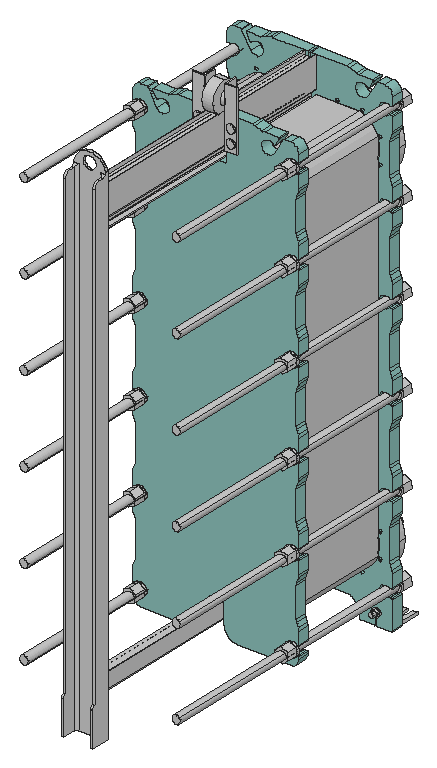
Revit family "MIT 562 - Heat Exchanger", category Specialty Equipment, Revit 2022 (continued)
Forms (mm)
  Extrusion 15, solid, material "Galvanized Steel- S235JR", detail levels fine
    sketch origin (4.063, -470, 0) x (1, 0, 0) y (0, 0, 1)
      loop
        line (-304.329, 141.422) -> (-307.052, 115.294) -> (-285.785, 99.872) -> (-261.797, 110.578) -> (-259.074, 136.706) -> (-280.341, 152.128) -> (-304.329, 141.422)
    from 8 to 48.1
  Extrusion 16, solid, material "Galvanized Steel- S235JR", detail levels fine
    sketch origin (4.063, -470, 0) x (1, 0, 0) y (0, 0, 1)
      loop
        circle (274.937, 1711) r 25
      loop
        circle (274.937, 1394) r 25
      loop
        circle (274.937, 1077) r 25
      loop
        circle (274.937, 760) r 25
      loop
        circle (274.937, 443) r 25
      loop
        circle (274.937, 126) r 25
      loop
        circle (-283.063, 1711) r 25
      loop
        circle (-283.063, 1394) r 25
      loop
        circle (-283.063, 1077) r 25
      loop
        circle (-283.063, 760) r 25
      loop
        circle (-283.063, 443) r 25
      loop
        circle (-283.063, 126) r 25
    from 8 to 0
  Extrusion 17, solid, material "Galvanized Steel- S235JR", detail levels medium+fine
    sketch origin (0, 0, 0) x (1, 0, 0) y (0, 0, 1)
      loop
        line (300.266, 1726.422) -> (276.278, 1737.128) -> (255.011, 1721.706) -> (257.734, 1695.578) -> (281.722, 1684.872) -> (302.989, 1700.294) -> (300.266, 1726.422)
      loop
        line (300.266, 1409.422) -> (276.278, 1420.128) -> (255.011, 1404.706) -> (257.734, 1378.578) -> (281.722, 1367.872) -> (302.989, 1383.294) -> (300.266, 1409.422)
      loop
        line (300.266, 1092.422) -> (276.278, 1103.128) -> (255.011, 1087.706) -> (257.734, 1061.578) -> (281.722, 1050.872) -> (302.989, 1066.294) -> (300.266, 1092.422)
      loop
        line (300.266, 775.422) -> (276.278, 786.128) -> (255.011, 770.706) -> (257.734, 744.578) -> (281.722, 733.872) -> (302.989, 749.294) -> (300.266, 775.422)
      loop
        line (300.266, 458.422) -> (276.278, 469.128) -> (255.011, 453.706) -> (257.734, 427.578) -> (281.722, 416.872) -> (302.989, 432.294) -> (300.266, 458.422)
      loop
        line (300.266, 141.422) -> (276.278, 152.128) -> (255.011, 136.706) -> (257.734, 110.578) -> (281.722, 99.872) -> (302.989, 115.294) -> (300.266, 141.422)
      loop
        line (-300.266, 1726.422) -> (-302.989, 1700.294) -> (-281.722, 1684.872) -> (-257.734, 1695.578) -> (-255.011, 1721.706) -> (-276.278, 1737.128) -> (-300.266, 1726.422)
      loop
        line (-300.266, 1409.422) -> (-302.989, 1383.294) -> (-281.722, 1367.872) -> (-257.734, 1378.578) -> (-255.011, 1404.706) -> (-276.278, 1420.128) -> (-300.266, 1409.422)
      loop
        line (-300.266, 1092.422) -> (-302.989, 1066.294) -> (-281.722, 1050.872) -> (-257.734, 1061.578) -> (-255.011, 1087.706) -> (-276.278, 1103.128) -> (-300.266, 1092.422)
      loop
        line (-300.266, 775.422) -> (-302.989, 749.294) -> (-281.722, 733.872) -> (-257.734, 744.578) -> (-255.011, 770.706) -> (-276.278, 786.128) -> (-300.266, 775.422)
      loop
        line (-300.266, 458.422) -> (-302.989, 432.294) -> (-281.722, 416.872) -> (-257.734, 427.578) -> (-255.011, 453.706) -> (-276.278, 469.128) -> (-300.266, 458.422)
      loop
        line (-300.266, 141.422) -> (-302.989, 115.294) -> (-281.722, 99.872) -> (-257.734, 110.578) -> (-255.011, 136.706) -> (-276.278, 152.128) -> (-300.266, 141.422)
    from -8 to -48
  Extrusion 18, solid, material "AISI 316L/Titanium/Hastelloy", detail levels coarse
    sketch origin (0, 0, 1916) x (1, 0, 0) y (0, 1, 0)
      loop
        line (-57.5, -1040) -> (-57.5, -1105) -> (57.499, -1105) -> (57.499, -1040) -> (-57.5, -1040)
    from 0 to -1916
  Extrusion 19, solid, material "Galvanized Steel- S235JR", detail levels fine
    sketch origin (0, 0, 0) x (1, 0, 0) y (0, 0, 1)
      loop
        circle (149, 1566) r 142.5
      loop
        circle (149, 1566) r 85.25
      loop
        circle (259.866, 1611.922) r 7
      loop
        circle (259.866, 1520.078) r 7
      loop
        circle (194.922, 1455.134) r 7
      loop
        circle (194.922, 1676.866) r 7
      loop
        circle (38.134, 1611.922) r 7
      loop
        circle (38.134, 1520.078) r 7
      loop
        circle (103.078, 1455.134) r 7
      loop
        circle (103.078, 1676.866) r 7
      loop
        circle (149, 271) r 142.5
      loop
        circle (149, 271) r 85.25
      loop
        circle (259.866, 316.922) r 7
      loop
        circle (259.866, 225.078) r 7
      loop
        circle (194.922, 160.134) r 7
      loop
        circle (194.922, 381.866) r 7
      loop
        circle (38.134, 316.922) r 7
      loop
        circle (38.134, 225.078) r 7
      loop
        circle (103.078, 160.134) r 7
      loop
        circle (103.078, 381.866) r 7
      loop
        circle (-149, 1566) r 142.5
      loop
        circle (-149, 1566) r 85.25
      loop
        circle (-259.866, 1611.922) r 7
      loop
        circle (-259.866, 1520.078) r 7
      loop
        circle (-194.922, 1455.134) r 7
      loop
        circle (-194.922, 1676.866) r 7
      loop
        circle (-38.134, 1611.922) r 7
      loop
        circle (-38.134, 1520.078) r 7
      loop
        circle (-103.078, 1455.134) r 7
      loop
        circle (-103.078, 1676.866) r 7
      loop
        circle (-149, 271) r 142.5
      loop
        circle (-149, 271) r 85.25
      loop
        circle (-259.866, 316.922) r 7
      loop
        circle (-259.866, 225.078) r 7
      loop
        circle (-194.922, 160.134) r 7
      loop
        circle (-194.922, 381.866) r 7
      loop
        circle (-38.134, 316.922) r 7
      loop
        circle (-38.134, 225.078) r 7
      loop
        circle (-103.078, 160.134) r 7
      loop
        circle (-103.078, 381.866) r 7
    from -29 to 0
  Extrusion 20, void
    sketch origin (202.5, -37.5, 7.5) x (0, 1, 0) y (-1, 0, 0)
      loop
        line (122.5, 8) -> (122.5, 397) -> (37.5, 397) -> (37.5, 8) -> (122.5, 8)
      loop
        line (88.664, -25) -> (122.5, -25) -> (122.5, -8) -> (88.664, -8)
        arc (88.664, -8) -> (72, -16.5) -> (88.664, -25) r 10.5
      loop
        line (88.664, -75) -> (122.5, -75) -> (122.5, -58) -> (88.664, -58)
        arc (88.664, -58) -> (72, -66.5) -> (88.664, -75) r 10.5
      loop
        line (88.664, 413) -> (122.5, 413) -> (122.5, 430) -> (88.664, 430)
        arc (88.664, 430) -> (72, 421.5) -> (88.664, 413) r 10.5
      loop
        line (88.664, 463) -> (122.5, 463) -> (122.5, 480) -> (88.664, 480)
        arc (88.664, 480) -> (72, 471.5) -> (88.664, 463) r 10.5
    from -7.5 to 77.5
  Extrusion 21, solid, material "Galvanized Steel- S235JR"
    sketch origin (0, 0, 0) x (0, 1, 0) y (0, 0, 1)
      loop
        line (8, 11) -> (8, 85) -> (0, 85) -> (0, 3)
        arc (0, 3) -> (0.879, 0.879) -> (3, 0) r 3
        line (3, 0) -> (85, 0) -> (85, 8) -> (11, 8)
        arc (11, 8) -> (8.879, 8.879) -> (8, 11) r 3
    from -294 to 294.5
  Extrusion 22, solid, material "Galvanized Steel- S235JR", detail levels fine
    sketch origin (0, 0, 0) x (1, 0, 0) y (0, 0, 1)
      loop
        circle (0, 1765.6) r 15
      loop
        circle (0, 1705.6) r 15
      loop
        circle (0, 165.7) r 15
      loop
        circle (0, 105.7) r 15
    from 0 to -3
  Extrusion 23, solid, material "Galvanized Steel- S235JR", detail levels fine
    sketch origin (0, 0, 0) x (1, 0, 0) y (0, 0, 1)
      loop
        circle (149, 1566) r 68.8
      loop
        circle (149, 1566) r 105
      loop
        circle (-149, 1566) r 68.8
      loop
        circle (-149, 1566) r 105
      loop
        circle (149, 271) r 68.8
      loop
        circle (149, 271) r 105
      loop
        circle (-149, 271) r 68.8
      loop
        circle (-149, 271) r 105
    from 0 to 40
  Extrusion 24, solid, material "Galvanized Steel- S235JR"
    sketch origin (4.063, -470, 0) x (1, 0, 0) y (0, 0, 1)
      loop
        line (77.937, 1680.6) -> (77.937, 1900.6) -> (32.937, 1900.6) -> (32.937, 1680.6) -> (77.937, 1680.6)
      loop
        circle (55.937, 1760.6) r 8
      loop
        circle (55.937, 1710.6) r 8
      loop
        line (-86.063, 1680.6) -> (-41.063, 1680.6) -> (-41.063, 1900.6) -> (-86.063, 1900.6) -> (-86.063, 1680.6)
      loop
        circle (-64.063, 1760.6) r 8
      loop
        circle (-64.063, 1710.6) r 8
    from 6 to 2
  Extrusion 25, solid, material "Galvanized Steel- S235JR"
    sketch origin (4.063, -472, 0) x (-1, 0, 0) y (0, 0, 1)
      loop
        line (-32.937, 1680.6) -> (-32.937, 1900.6) -> (-36.937, 1900.6) -> (-36.937, 1680.6) -> (-32.937, 1680.6)
      loop
        line (41.063, 1680.6) -> (45.063, 1680.6) -> (45.063, 1900.6) -> (41.063, 1900.6) -> (41.063, 1680.6)
    from 0 to 42
  Extrusion 26, solid, material "Galvanized Steel- S235JR"
    sketch origin (-37, -472, 1680.6) x (0, 0, 1) y (0, -1, 0)
      loop
        circle (160, -19) r 55
      loop
        circle (160, -19) r 25
    from 17 to 57
  Extrusion 27, solid, material "Galvanized Steel- S235JR"
    sketch origin (-37, -472, 1680.6) x (0, 0, 1) y (0, -1, 0)
      loop
        circle (160, -19) r 24.5
    from 0 to 74
  Extrusion 28, solid, material "Galvanized Steel- S235JR"
    sketch origin (-37, -472, 1680.6) x (0, 0, 1) y (0, -1, 0)
      loop
        circle (160, -19) r 8
    from -24.052 to 98.5
  Extrusion 29, solid, material "Galvanized Steel- S235JR", detail levels fine
    sketch origin (-37, -472, 1680.6) x (0, 0, 1) y (0, -1, 0)
      loop
        line (172.813, -23.837) -> (169.73, -9.822) -> (156.917, -5.985) -> (147.187, -15.163) -> (150.27, -29.178) -> (163.083, -33.015) -> (172.813, -23.837)
    from -15 to 89
  Extrusion 30, solid, material "Galvanized Steel- S235JR", detail levels fine
    sketch origin (-37, -472, 1680.6) x (0, 0, 1) y (0, -1, 0)
      loop
        circle (160, -19) r 15
    from -7 to 81
  Extrusion 31, void
    sketch origin (57.499, -1105, 1916) x (0, 1, 0) y (0, 0, 1)
      loop
        line (30, -66) -> (47, -66)
        arc (47, -66) -> (54.071, -63.071) -> (57, -56) r 10
        line (57, -56) -> (57, 0) -> (0, 0) -> (0, -1790)
        arc (0, -1790) -> (2.636, -1783.636) -> (9, -1781) r 9
        line (9, -1781) -> (10, -1781) -> (10, -86)
        arc (10, -86) -> (15.858, -71.858) -> (30, -66) r 20
    from 0 to -114.999
  Extrusion 32, void
    sketch origin (-39.5, -1048, 0) x (1, 0, 0) y (0, 0, 1)
      loop
        line (96.999, 1865.205) -> (96.999, 1979.732) -> (-18, 1979.732) -> (-18, 1865.199)
        arc (-18, 1865.199) -> (39.497, 1915.599) -> (96.999, 1865.205) r 58
      loop
        circle (39.5, 1877.5) r 24
    from 0 to -8
  Extrusion 33, solid, material "Galvanized Steel- S235JR", detail levels medium+fine
    sketch origin (4.063, -470, 0) x (1, 0, 0) y (0, 0, 1)
      loop
        circle (-64.063, 1760.6) r 15
      loop
        circle (-64.063, 1710.6) r 15
      loop
        circle (55.937, 1760.6) r 15
      loop
        circle (55.937, 1710.6) r 15
    from 9 to 6
  Extrusion 34, solid, material "Galvanized Steel- S235JR", detail levels coarse+medium
    sketch origin (4.063, -470, 0) x (1, 0, 0) y (0, 0, 1)
      loop
        line (-77.056, 1766.886) -> (-76.004, 1752.491) -> (-63.011, 1746.205) -> (-51.07, 1754.314) -> (-52.123, 1768.709) -> (-65.115, 1774.995) -> (-77.056, 1766.886)
      loop
        line (-65.115, 1724.995) -> (-77.056, 1716.886) -> (-76.004, 1702.491) -> (-63.011, 1696.205) -> (-51.07, 1704.314) -> (-52.123, 1718.709) -> (-65.115, 1724.995)
      loop
        line (68.93, 1766.886) -> (56.989, 1774.995) -> (43.996, 1768.709) -> (42.944, 1754.314) -> (54.885, 1746.205) -> (67.877, 1752.491) -> (68.93, 1766.886)
      loop
        line (56.989, 1724.995) -> (43.996, 1718.709) -> (42.944, 1704.314) -> (54.885, 1696.205) -> (67.877, 1702.491) -> (68.93, 1716.886) -> (56.989, 1724.995)
    from 19 to 9
  Extrusion 35, solid, material "AISI 316L/Titanium/Hastelloy", detail levels fine
    sketch origin (4.063, -430, 0) x (-1, 0, 0) y (0, 0, 1)
      loop
        circle (-55.937, 1760.6) r 15
      loop
        circle (-55.937, 1710.6) r 15
      loop
        circle (64.063, 1760.6) r 15
      loop
        circle (64.063, 1710.6) r 15
    from 0 to 3
  Extrusion 36, solid, material "AISI 316L/Titanium/Hastelloy", detail levels fine
    sketch origin (4.063, -430, 0) x (-1, 0, 0) y (0, 0, 1)
      loop
        line (-43.996, 1768.709) -> (-56.989, 1774.995) -> (-68.93, 1766.886) -> (-67.877, 1752.491) -> (-54.885, 1746.205) -> (-42.944, 1754.314) -> (-43.996, 1768.709)
      loop
        line (-43.996, 1718.709) -> (-56.989, 1724.995) -> (-68.93, 1716.886) -> (-67.877, 1702.491) -> (-54.885, 1696.205) -> (-42.944, 1704.314) -> (-43.996, 1718.709)
      loop
        line (77.056, 1766.886) -> (65.115, 1774.995) -> (52.123, 1768.709) -> (51.07, 1754.314) -> (63.011, 1746.205) -> (76.004, 1752.491) -> (77.056, 1766.886)
      loop
        line (65.115, 1724.995) -> (52.123, 1718.709) -> (51.07, 1704.314) -> (63.011, 1696.205) -> (76.004, 1702.491) -> (77.056, 1716.886) -> (65.115, 1724.995)
    from 3 to 13
  Extrusion 37, solid, material "AISI 316L/Titanium/Hastelloy", detail levels coarse+medium
    sketch origin (4.063, -430, 0) x (-1, 0, 0) y (0, 0, 1)
      loop
        circle (64.063, 1760.6) r 8
      loop
        circle (64.063, 1710.6) r 8
      loop
        circle (-55.937, 1760.6) r 8
      loop
        circle (-55.937, 1710.6) r 8
    from -46 to 24.122
  Extrusion 38, solid, material "Galvanized Steel", detail levels medium
    sketch origin (4.063, 0, 0) x (1, 0, 0) y (0, 0, 1)
      loop
        line (135.937, 1800) -> (-144.063, 1800) -> (-177.033, 1788) -> (-308.063, 1788) -> (-308.063, 0) -> (-188.063, 0) -> (-188.063, 35) -> (-153.063, 70) -> (144.937, 70) -> (179.937, 35) -> (179.937, 0) -> (299.937, 0) -> (299.937, 1788) -> (168.907, 1788) -> (135.937, 1800)
      loop
        circle (144.937, 1566) r 68.8
      loop
        circle (144.937, 272) r 68.8
      loop
        circle (-4.063, 105.7) r 10.5
      loop
        circle (-4.063, 165.7) r 10.5
      loop
        circle (239.937, 45) r 10.5
      loop
        circle (274.937, 1711) r 21
      loop
        circle (274.937, 1394) r 21
      loop
        circle (274.937, 1077) r 21
      loop
        circle (274.937, 760) r 21
      loop
        circle (274.937, 443) r 21
      loop
        circle (274.937, 126) r 21
      loop
        circle (-4.063, 1705.6) r 10.5
      loop
        circle (-4.063, 1765.6) r 10.5
      loop
        circle (-153.063, 1566) r 68.8
      loop
        circle (-153.063, 272) r 68.8
      loop
        circle (-248.063, 45) r 10.5
      loop
        circle (-283.063, 1711) r 21
      loop
        circle (-283.063, 1394) r 21
      loop
        circle (-283.063, 1077) r 21
      loop
        circle (-283.063, 760) r 21
      loop
        circle (-283.063, 443) r 21
      loop
        circle (-283.063, 126) r 21
      loop
        circle (189.937, 1743) r 25
      loop
        circle (-198.063, 1743) r 25
    from 0 to 40
  Extrusion 39, solid, material "Galvanized Steel", detail levels medium
    sketch origin (4.063, -430, 0) x (-1, 0, 0) y (0, 0, 1)
      loop
        line (-135.937, 1800) -> (-168.907, 1788) -> (-299.937, 1788) -> (-299.937, 70) -> (-25.937, 70) -> (-25.937, 173.5)
        arc (-25.937, 173.5) -> (4.063, 203.5) -> (34.063, 173.5) r 30
        line (34.063, 173.5) -> (34.063, 70) -> (308.063, 70) -> (308.063, 1788) -> (177.033, 1788) -> (144.063, 1800) -> (45.063, 1800) -> (45.063, 1638.5) -> (-36.937, 1638.5) -> (-36.937, 1800) -> (-135.937, 1800)
      loop
        circle (-274.937, 126) r 21
      loop
        circle (-274.937, 443) r 21
      loop
        circle (-189.937, 1743) r 25
      loop
        circle (-274.937, 1711) r 21
      loop
        circle (-274.937, 1394) r 21
      loop
        circle (-274.937, 1077) r 21
      loop
        circle (-274.937, 760) r 21
      loop
        circle (-55.937, 1710.6) r 10.5
      loop
        circle (-55.937, 1760.6) r 10.5
      loop
        circle (283.063, 126) r 21
      loop
        circle (283.063, 443) r 21
      loop
        circle (198.063, 1743) r 25
      loop
        circle (283.063, 1711) r 21
      loop
        circle (283.063, 1394) r 21
      loop
        circle (283.063, 1077) r 21
      loop
        circle (283.063, 760) r 21
      loop
        circle (64.063, 1710.6) r 10.5
      loop
        circle (64.063, 1760.6) r 10.5
    from 0 to -40 <- "Follower Plate"
  Extrusion 40, solid, material "AISI 316L/Titanium/Hastelloy", detail levels medium
    sketch origin (0, -40, 0) x (-1, 0, 0) y (0, 0, 1)
      loop
        circle (-149, 1566) r 68.8
      loop
        circle (149, 1566) r 68.8
      loop
        line (-250, 1609.07) -> (-250, 228.93) -> (-184.799, 168.2) -> (-25.957, 168.2) -> (-19.25, 174.907) -> (-19.25, 181.407) -> (-33.913, 193.176) -> (-29.752, 199.94) -> (29.752, 199.94) -> (33.913, 193.176) -> (19.25, 181.407) -> (19.25, 174.907) -> (25.957, 168.2) -> (184.799, 168.2) -> (250, 228.93) -> (250, 1609.07) -> (184.799, 1669.8) -> (25.957, 1669.8) -> (19.25, 1663.093) -> (19.25, 1656.593) -> (33.913, 1644.824) -> (29.752, 1638.06) -> (-29.752, 1638.06) -> (-33.913, 1644.824) -> (-19.25, 1656.593) -> (-19.25, 1663.093) -> (-25.957, 1669.8) -> (-184.799, 1669.8) -> (-250, 1609.07)
      loop
        circle (-149, 272) r 68.8
      loop
        circle (149, 272) r 68.8
    from 0 to -390
  Extrusion 41, solid, material "Galvanized Steel- S235JR", detail levels medium
    sketch origin (0, 0, 0) x (1, 0, 0) y (0, 0, 1)
      loop
        circle (149, 1566) r 142.5
      loop
        circle (149, 1566) r 68.8
      loop
        circle (149, 271) r 142.5
      loop
        circle (149, 272) r 68.8
      loop
        circle (-149, 1566) r 142.5
      loop
        circle (-149, 1566) r 68.8
      loop
        circle (-149, 271) r 142.5
      loop
        circle (-149, 272) r 68.8
    from -29 to 0
  Extrusion 42, solid, material "Galvanized Steel", detail levels coarse
    sketch origin (4.063, 0, 0) x (1, 0, 0) y (0, 0, 1)
      loop
        line (299.937, 1800) -> (-308.063, 1800) -> (-308.063, 0) -> (299.937, 0) -> (299.937, 1800)
      loop
        circle (-4.063, 105.7) r 10.5
      loop
        circle (-4.063, 165.7) r 10.5
      loop
        circle (239.937, 45) r 10.5
      loop
        circle (274.937, 1711) r 21
      loop
        circle (274.937, 1394) r 21
      loop
        circle (274.937, 1077) r 21
      loop
        circle (274.937, 760) r 21
      loop
        circle (274.937, 443) r 21
      loop
        circle (274.937, 126) r 21
      loop
        circle (-4.063, 1705.6) r 10.5
      loop
        circle (-4.063, 1765.6) r 10.5
      loop
        circle (-248.063, 45) r 10.5
      loop
        circle (-283.063, 1711) r 21
      loop
        circle (-283.063, 1394) r 21
      loop
        circle (-283.063, 1077) r 21
      loop
        circle (-283.063, 760) r 21
      loop
        circle (-283.063, 443) r 21
      loop
        circle (-283.063, 126) r 21
      loop
        circle (189.937, 1743) r 25
      loop
        circle (-198.063, 1743) r 25
    from 0 to 40
  Extrusion 43, solid, material "Galvanized Steel", detail levels coarse
    sketch origin (4.063, -430, 0) x (-1, 0, 0) y (0, 0, 1)
      loop
        line (-299.937, 1800) -> (-299.937, 70) -> (-25.937, 70) -> (-25.937, 203.5) -> (34.063, 203.5) -> (34.063, 70) -> (308.063, 70) -> (308.063, 1800) -> (45.063, 1800) -> (45.063, 1638.5) -> (-36.937, 1638.5) -> (-36.937, 1800) -> (-299.937, 1800)
      loop
        circle (-274.937, 126) r 21
      loop
        circle (-274.937, 443) r 21
      loop
        circle (-189.937, 1743) r 25
      loop
        circle (-274.937, 1711) r 21
      loop
        circle (-274.937, 1394) r 21
      loop
        circle (-274.937, 1077) r 21
      loop
        circle (-274.937, 760) r 21
      loop
        circle (-55.937, 1710.6) r 10.5
      loop
        circle (-55.937, 1760.6) r 10.5
      loop
        circle (283.063, 126) r 21
      loop
        circle (283.063, 443) r 21
      loop
        circle (198.063, 1743) r 25
      loop
        circle (283.063, 1711) r 21
      loop
        circle (283.063, 1394) r 21
      loop
        circle (283.063, 1077) r 21
      loop
        circle (283.063, 760) r 21
      loop
        circle (64.063, 1710.6) r 10.5
      loop
        circle (64.063, 1760.6) r 10.5
    from 0 to -40 <- "Follower Plate"
  Extrusion 44, solid, material "AISI 316L/Titanium/Hastelloy", detail levels coarse
    sketch origin (0, -40, 0) x (-1, 0, 0) y (0, 0, 1)
      loop
        line (-250, 1609.07) -> (-250, 228.93) -> (-184.799, 168.2) -> (-25.957, 168.2) -> (-19.25, 174.907) -> (-19.25, 181.407) -> (-33.913, 193.176) -> (-29.752, 199.94) -> (29.752, 199.94) -> (33.913, 193.176) -> (19.25, 181.407) -> (19.25, 174.907) -> (25.957, 168.2) -> (184.799, 168.2) -> (250, 228.93) -> (250, 1609.07) -> (184.799, 1669.8) -> (25.957, 1669.8) -> (19.25, 1663.093) -> (19.25, 1656.593) -> (33.913, 1644.824) -> (29.752, 1638.06) -> (-29.752, 1638.06) -> (-33.913, 1644.824) -> (-19.25, 1656.593) -> (-19.25, 1663.093) -> (-25.957, 1669.8) -> (-184.799, 1669.8) -> (-250, 1609.07)
    from 0 to -390
  Extrusion 45, solid, material "Galvanized Steel- S235JR", detail levels coarse
    sketch origin (0, 0, 0) x (1, 0, 0) y (0, 0, 1)
      loop
        circle (149, 1566) r 142.5
      loop
        circle (149, 271) r 142.5
      loop
        circle (-149, 1566) r 142.5
      loop
        circle (-149, 271) r 142.5
    from -29 to 0
  Revolve 46, solid, material "EPDM", detail levels fine
    sketch origin (0, 0, 1566) x (0, 1, 0) y (-1, 0, 0)
      loop
        line (-43, -234.25) -> (-40, -234.25) -> (-40, -217.8) -> (0, -217.8) -> (0, -234.25) -> (3, -234.25) -> (3, -214.8) -> (-43, -214.8) -> (-43, -234.25)
      axis (-43, -149) -> (3, -149)
    angle from 0 to 360
  Revolve 47, solid, material "EPDM", detail levels fine
    sketch origin (0, 0, 1566) x (0, -1, 0) y (1, 0, 0)
      loop
        line (43, -234.25) -> (43, -214.8) -> (-3, -214.8) -> (-3, -234.25) -> (0, -234.25) -> (0, -217.8) -> (40, -217.8) -> (40, -234.25) -> (43, -234.25)
      axis (43, -149) -> (-3, -149)
    angle from 0 to 360
  Revolve 48, solid, material "EPDM", detail levels fine
    sketch origin (0, 0, 271) x (0, 1, 0) y (-1, 0, 0)
      loop
        line (-43, -234.25) -> (-40, -234.25) -> (-40, -217.8) -> (0, -217.8) -> (0, -234.25) -> (3, -234.25) -> (3, -214.8) -> (-43, -214.8) -> (-43, -234.25)
      axis (-43, -149) -> (3, -149)
    angle from 0 to 360
  Revolve 49, solid, material "EPDM", detail levels fine
    sketch origin (0, 0, 271) x (0, -1, 0) y (1, 0, 0)
      loop
        line (43, -234.25) -> (43, -214.8) -> (-3, -214.8) -> (-3, -234.25) -> (0, -234.25) -> (0, -217.8) -> (40, -217.8) -> (40, -234.25) -> (43, -234.25)
      axis (43, -149) -> (-3, -149)
    angle from 0 to 360
Cuts and joins
  Extrusion 20 cuts Extrusion 21
  joined: Extrusion 19, Extrusion 23
  Extrusion 31, Extrusion 32 cuts Extrusion 13
  joined: Extrusion 26, Extrusion 27
Dimensions and locks
  "Lk": plane 7 "1" to plane 6 "2"
  "Head & Follower Plate": plane 1 "Center (Front/Back)" to plane 7 "1"
  "Lc": plane 7 "1" to plane 8 "3"
  "Lc": plane 10 to plane 1 "Center (Front/Back)"
  locked: Extrusion 13 sketch curve to Extrusion 13 sketch curve at 65
  locked: Extrusion 37 to plane 6 "2" at 24.122
  locked: plane 1 "Center (Front/Back)" to Revolve 46 sketch curve at 3
  locked: plane 7 "1" to Revolve 46 sketch curve at 3
  locked: Revolve 46 sketch curve to Revolve 46 sketch curve at 3
  locked: Revolve 47 sketch curve to Revolve 47 sketch curve at 3
  locked: Revolve 48 sketch curve to Revolve 48 sketch curve at 3
  locked: Revolve 49 sketch curve to Revolve 49 sketch curve at 3
  aligned and locked: level to plane 2
  aligned and locked: Extrusion 1 to plane 7 "1"
  aligned and locked: Extrusion 1 to plane 1 "Center (Front/Back)"
  aligned and locked: Extrusion 3 to plane 6 "2"
  aligned and locked: plane 7 "1" to Extrusion 3
  aligned and locked: Extrusion 5 to plane 10
  aligned and locked: Extrusion 5 to plane 1 "Center (Front/Back)"
  aligned and locked: Extrusion 4 to plane 8 "3"
  aligned and locked: Extrusion 4 to Extrusion 1
  aligned and locked: Extrusion 13 sketch curve to Extrusion 13 sketch curve
  aligned and locked: Extrusion 18 sketch curve to Extrusion 13  (x4)
  aligned and locked: Extrusion 37 to Extrusion 33
  aligned and locked: Extrusion 40 to Extrusion 39
  aligned and locked: Extrusion 1 to cut or joined group of Extrusion 19, Extrusion 23
  aligned and locked: Extrusion 44 to Extrusion 43
  aligned and locked: Extrusion 42 to Revolve 46 sketch curve  (x2)
Automatic sketch dimensions
  Extrusion 1 sketch curve to Extrusion 1 sketch curve = 0.00 mm  (x124)
  Extrusion 1 sketch curve to level = 0.00 mm  (x4)
  Extrusion 1 sketch curve to plane 11 "12" = 0.00 mm  (x2)
  Extrusion 1 sketch curve to plane 3 "Center (Left/Right)" = 0.00 mm  (x4)
  Extrusion 1 sketch curve to plane 3 "Center (Left/Right)" = 3.00 mm  (x4)
  Extrusion 1 sketch curve to Extrusion 1 sketch curve = 3.00 mm  (x50)
  Extrusion 1 sketch curve to plane 3 "Center (Left/Right)" = 38.134 mm  (x4)
  Extrusion 1 sketch curve to Extrusion 1 sketch curve = 64.944 mm  (x12)
  Extrusion 1 sketch curve to Extrusion 1 sketch curve = 31.632 mm  (x2)
  Extrusion 1 sketch curve to Extrusion 1 sketch curve = 39.709 mm  (x2)
  Extrusion 1 sketch curve to Extrusion 1 sketch curve = 10.261 mm  (x4)
  Extrusion 1 sketch curve to Extrusion 1 sketch curve = 110.866 mm  (x4)
  level to Extrusion 1 sketch curve = 65.607 mm  (x2)
  Extrusion 1 sketch curve to Extrusion 1 sketch curve = 10.607 mm  (x5)
  Extrusion 1 sketch curve to Extrusion 1 sketch curve = 23.028 mm  (x2)
  Extrusion 1 sketch curve to Extrusion 1 sketch curve = 26.213 mm  (x2)
  level to Extrusion 1 sketch curve = 39.393 mm  (x2)
  level to Extrusion 1 sketch curve = 5.00 mm  (x3)
  Extrusion 1 sketch curve to Extrusion 1 sketch curve = 15.00 mm
  Extrusion 1 sketch curve to Extrusion 1 sketch curve = 15.74 mm  (x2)
  Extrusion 1 sketch curve to Extrusion 1 sketch curve = 0.922 mm  (x2)
  Extrusion 1 sketch curve to Extrusion 1 sketch curve = 91.844 mm  (x9)
  Extrusion 1 sketch curve to Extrusion 1 sketch curve = 21.651 mm  (x2)
  Extrusion 1 sketch curve to Extrusion 1 sketch curve = 21.737 mm  (x2)
  Extrusion 1 sketch curve to Extrusion 1 sketch curve = 2.598 mm  (x6)
  Extrusion 1 sketch curve to Extrusion 1 sketch curve = 14.059 mm  (x2)
  Extrusion 1 sketch curve to Extrusion 1 sketch curve = 49.00 mm  (x3)
  level to Extrusion 1 sketch curve = 3.00 mm  (x2)
  Extrusion 1 sketch curve to Extrusion 1 sketch curve = 6.00 mm  (x2)
  Extrusion 1 sketch curve to Extrusion 1 sketch curve = 15.588 mm  (x2)
  Extrusion 1 sketch curve to plane 11 "12" = 45.922 mm  (x4)
  Extrusion 1 sketch curve to Extrusion 1 sketch curve = 14.134 mm  (x8)
  Extrusion 1 sketch curve to plane 3 "Center (Left/Right)" = 274.00 mm  (x2)
  Extrusion 1 sketch curve to Extrusion 1 sketch curve = 23.42 mm  (x2)
  Extrusion 1 sketch curve to Extrusion 1 sketch curve = 5.00 mm  (x13)
  Extrusion 1 sketch curve to Extrusion 1 sketch curve = 14.333 mm  (x24)
  Extrusion 1 sketch curve to Extrusion 1 sketch curve = 34.134 mm  (x5)
  Extrusion 1 sketch curve to Extrusion 1 sketch curve = 20.00 mm  (x6)
  plane 11 "12" to Extrusion 1 sketch curve = 78.471 mm  (x2)
  Extrusion 1 sketch curve to Extrusion 1 sketch curve = 1.809 mm  (x33)
  Extrusion 1 sketch curve to plane 11 "12" = 51.471 mm  (x2)
  level to Extrusion 1 sketch curve = 219.529 mm  (x2)
  Extrusion 1 sketch curve to Extrusion 1 sketch curve = 7.667 mm  (x23)
  Extrusion 1 sketch curve to Extrusion 1 sketch curve = 6.382 mm  (x20)
  Extrusion 1 sketch curve to plane 11 "12" = 69.004 mm  (x2)
  plane 11 "12" to Extrusion 1 sketch curve = 96.004 mm  (x2)
  Extrusion 1 sketch curve to Extrusion 1 sketch curve = 28.191 mm  (x20)
  plane 3 "Center (Left/Right)" to Extrusion 1 sketch curve = 3.00 mm  (x4)
  plane 3 "Center (Left/Right)" to Extrusion 1 sketch curve = 38.134 mm  (x4)
  level to Extrusion 1 sketch curve = 55.00 mm
  Extrusion 1 sketch curve to Extrusion 1 sketch curve = 4.393 mm
  Extrusion 1 sketch curve to Extrusion 1 sketch curve = 54.00 mm
  plane 3 "Center (Left/Right)" to Extrusion 1 sketch curve = 274.00 mm
  Extrusion 1 sketch curve to Extrusion 1 sketch curve = 79.078 mm
  Extrusion 1 sketch curve to Extrusion 1 sketch curve = 29.907 mm  (x2)
  Extrusion 1 sketch curve to Extrusion 1 sketch curve = 12.093 mm  (x5)
  Extrusion 1 sketch curve to Extrusion 1 sketch curve = 25.638 mm
  Extrusion 1 sketch curve to Extrusion 1 sketch curve = 10.062 mm  (x2)
  Extrusion 1 sketch curve to Extrusion 1 sketch curve = 61.75 mm  (x2)
  Extrusion 1 sketch curve to Extrusion 1 sketch curve = 16.25 mm  (x24)
  Extrusion 1 sketch curve to Extrusion 1 sketch curve = 39.875 mm
  Extrusion 1 sketch curve to Extrusion 1 sketch curve = 90.134 mm
  Extrusion 1 sketch curve to Extrusion 1 sketch curve = 27.794 mm  (x2)
  Extrusion 1 sketch curve to Extrusion 1 sketch curve = 4.712 mm  (x2)
  Extrusion 1 sketch curve to Extrusion 1 sketch curve = 59.378 mm
  Extrusion 1 sketch curve to Extrusion 1 sketch curve = 45.922 mm  (x2)
  Extrusion 1 sketch curve to Extrusion 1 sketch curve = 22.288 mm  (x4)
  Extrusion 1 sketch curve to Extrusion 1 sketch curve = 17.533 mm  (x14)
  Extrusion 1 sketch curve to Extrusion 1 sketch curve = 4.601 mm  (x4)
  Extrusion 1 sketch curve to Extrusion 1 sketch curve = 46.485 mm  (x16)
  Extrusion 1 sketch curve to Extrusion 1 sketch curve = 109.42 mm  (x6)
  plane 11 "12" to Extrusion 1 sketch curve = 110.866 mm  (x2)
  plane 11 "12" to Extrusion 1 sketch curve = 45.922 mm  (x2)
  Extrusion 1 sketch curve to Extrusion 1 sketch curve = 31.601 mm  (x2)
  Extrusion 1 sketch curve to Extrusion 1 sketch curve = 93.678 mm
  Extrusion 1 sketch curve to Extrusion 1 sketch curve = 53.634 mm  (x2)
  Extrusion 1 sketch curve to Extrusion 1 sketch curve = 12.50 mm  (x2)
  Extrusion 1 sketch curve to Extrusion 1 sketch curve = 35.813 mm
  Extrusion 1 sketch curve to Extrusion 1 sketch curve = 27.75 mm  (x2)
  Extrusion 1 sketch curve to Extrusion 1 sketch curve = 28.65 mm  (x2)
  Extrusion 1 sketch curve to Extrusion 1 sketch curve = 1.50 mm  (x4)
  Extrusion 1 sketch curve to Extrusion 1 sketch curve = 27.00 mm  (x2)
  Extrusion 1 sketch curve to Extrusion 1 sketch curve = 4.50 mm  (x2)
  Extrusion 1 sketch curve to Extrusion 1 sketch curve = 19.307 mm
  Extrusion 1 sketch curve to Extrusion 1 sketch curve = 7.00 mm  (x32)
  Extrusion 1 sketch curve to Extrusion 1 sketch curve = 23.046 mm  (x4)
  Extrusion 1 sketch curve to Extrusion 1 sketch curve = 30.046 mm  (x4)
  Extrusion 1 sketch curve to Extrusion 1 sketch curve = 21.109 mm  (x4)
  Extrusion 2 sketch curve to plane 3 "Center (Left/Right)" = 0.00 mm
  plane 3 "Center (Left/Right)" to Extrusion 2 sketch curve = 30.00 mm
  plane 3 "Center (Left/Right)" to Extrusion 2 sketch curve = 36.00 mm
  Extrusion 2 sketch curve to Extrusion 2 sketch curve = 5.00 mm  (x13)
  plane 3 "Center (Left/Right)" to Extrusion 2 sketch curve = 41.00 mm
  Extrusion 2 sketch curve to Extrusion 2 sketch curve = 0.00 mm  (x33)
  Extrusion 2 sketch curve to Extrusion 2 sketch curve = 3.00 mm  (x54)
  Extrusion 2 sketch curve to Extrusion 2 sketch curve = 3.907 mm  (x4)
  Extrusion 2 sketch curve to Extrusion 2 sketch curve = 2.031 mm  (x4)
  Extrusion 2 sketch curve to Extrusion 2 sketch curve = 10.062 mm  (x4)
  Extrusion 2 sketch curve to Extrusion 2 sketch curve = 50.00 mm  (x2)
  Extrusion 2 sketch curve to Extrusion 2 sketch curve = 74.71 mm  (x2)
  Extrusion 2 sketch curve to Extrusion 2 sketch curve = 10.261 mm  (x4)
  Extrusion 2 sketch curve to Extrusion 2 sketch curve = 23.028 mm  (x2)
  Extrusion 2 sketch curve to Extrusion 2 sketch curve = 15.74 mm  (x2)
  Extrusion 2 sketch curve to Extrusion 2 sketch curve = 21.651 mm  (x2)
  Extrusion 2 sketch curve to Extrusion 2 sketch curve = 21.737 mm  (x2)
  Extrusion 2 sketch curve to Extrusion 2 sketch curve = 2.598 mm  (x6)
  Extrusion 2 sketch curve to Extrusion 2 sketch curve = 14.059 mm  (x2)
  Extrusion 2 sketch curve to Extrusion 2 sketch curve = 15.588 mm  (x2)
  plane 3 "Center (Left/Right)" to Extrusion 2 sketch curve = 274.00 mm  (x2)
  level to Extrusion 2 sketch curve = 100.00 mm
  Extrusion 2 sketch curve to Extrusion 2 sketch curve = 194.00 mm  (x2)
  Extrusion 2 sketch curve to Extrusion 2 sketch curve = 58.349 mm  (x2)
  Extrusion 2 sketch curve to Extrusion 2 sketch curve = 23.42 mm  (x2)
  Extrusion 2 sketch curve to Extrusion 2 sketch curve = 14.333 mm  (x22)
  Extrusion 2 sketch curve to Extrusion 2 sketch curve = 19.333 mm  (x2)
  Extrusion 2 sketch curve to Extrusion 2 sketch curve = 20.00 mm  (x10)
  Extrusion 2 sketch curve to Extrusion 2 sketch curve = 1.809 mm  (x29)
  Extrusion 2 sketch curve to plane 11 "12" = 51.471 mm  (x2)
  plane 11 "12" to Extrusion 2 sketch curve = 78.471 mm  (x2)
  level to Extrusion 2 sketch curve = 219.529 mm  (x2)
  Extrusion 2 sketch curve to Extrusion 2 sketch curve = 7.667 mm  (x24)
  Extrusion 2 sketch curve to Extrusion 2 sketch curve = 6.382 mm  (x20)
  plane 11 "12" to Extrusion 2 sketch curve = 96.004 mm  (x2)
  Extrusion 2 sketch curve to plane 11 "12" = 69.004 mm  (x2)
  Extrusion 2 sketch curve to Extrusion 2 sketch curve = 28.191 mm  (x19)
  Extrusion 2 sketch curve to plane 3 "Center (Left/Right)" = 36.00 mm
  Extrusion 2 sketch curve to plane 3 "Center (Left/Right)" = 41.00 mm
  Extrusion 2 sketch curve to plane 3 "Center (Left/Right)" = 274.00 mm
  Extrusion 2 sketch curve to Extrusion 2 sketch curve = 30.00 mm
  level to Extrusion 2 sketch curve = 70.00 mm
  Extrusion 2 sketch curve to Extrusion 2 sketch curve = 6.75 mm  (x2)
  Extrusion 2 sketch curve to Extrusion 2 sketch curve = 16.25 mm  (x24)
  Extrusion 2 sketch curve to Extrusion 2 sketch curve = 53.50 mm
  Extrusion 2 sketch curve to Extrusion 2 sketch curve = 27.794 mm  (x2)
  Extrusion 2 sketch curve to Extrusion 2 sketch curve = 109.42 mm  (x8)
  Extrusion 2 sketch curve to Extrusion 2 sketch curve = 17.533 mm  (x14)
  Extrusion 2 sketch curve to Extrusion 2 sketch curve = 46.485 mm  (x16)
  Extrusion 2 sketch curve to plane 11 "12" = 72.50 mm
  Extrusion 2 sketch curve to Extrusion 2 sketch curve = 64.10 mm  (x2)
  Extrusion 2 sketch curve to Extrusion 2 sketch curve = 6.00 mm  (x4)
  Extrusion 2 sketch curve to Extrusion 2 sketch curve = 19.50 mm  (x2)
  Extrusion 2 sketch curve to Extrusion 2 sketch curve = 12.50 mm  (x2)
  Extrusion 2 sketch curve to Extrusion 2 sketch curve = 41.00 mm  (x2)
  Extrusion 2 sketch curve to Extrusion 2 sketch curve = 27.75 mm  (x2)
  Extrusion 2 sketch curve to Extrusion 2 sketch curve = 28.65 mm  (x2)
  Extrusion 2 sketch curve to Extrusion 2 sketch curve = 1.50 mm  (x4)
  Extrusion 2 sketch curve to Extrusion 2 sketch curve = 27.00 mm  (x2)
  Extrusion 2 sketch curve to Extrusion 2 sketch curve = 4.50 mm  (x2)
  Extrusion 2 sketch curve to Extrusion 2 sketch curve = 30.40 mm  (x2)
  Extrusion 3 sketch curve to Extrusion 3 sketch curve = 0.00 mm  (x25)
  Extrusion 3 sketch curve to plane 11 "12" = 0.00 mm  (x2)
  Extrusion 3 sketch curve to plane 3 "Center (Left/Right)" = 0.00 mm  (x2)
  plane 3 "Center (Left/Right)" to Extrusion 3 sketch curve = 8.398 mm  (x2)
  Extrusion 3 sketch curve to Extrusion 3 sketch curve = 10.852 mm  (x4)
  Extrusion 3 sketch curve to Extrusion 3 sketch curve = 0.879 mm  (x4)
  Extrusion 3 sketch curve to Extrusion 3 sketch curve = 1.122 mm  (x4)
  Extrusion 3 sketch curve to Extrusion 3 sketch curve = 3.00 mm  (x7)
  Extrusion 3 sketch curve to Extrusion 3 sketch curve = 1.878 mm  (x3)
  Extrusion 3 sketch curve to Extrusion 3 sketch curve = 2.121 mm  (x6)
  Extrusion 3 sketch curve to Extrusion 3 sketch curve = 4.95 mm  (x4)
  Extrusion 3 sketch curve to Extrusion 3 sketch curve = 5.765 mm  (x4)
  Extrusion 3 sketch curve to Extrusion 3 sketch curve = 1.863 mm  (x4)
  Extrusion 3 sketch curve to Extrusion 3 sketch curve = 2.817 mm  (x4)
  Extrusion 3 sketch curve to Extrusion 3 sketch curve = 122.863 mm  (x4)
  Extrusion 3 sketch curve to Extrusion 3 sketch curve = 35.799 mm  (x2)
  Extrusion 3 sketch curve to Extrusion 3 sketch curve = 40.14 mm  (x2)
  Extrusion 3 sketch curve to plane 11 "12" = 43.07 mm  (x2)
  Extrusion 3 sketch curve to Extrusion 3 sketch curve = 65.201 mm  (x2)
  Extrusion 3 sketch curve to plane 3 "Center (Left/Right)" = 8.398 mm  (x2)
  level to Extrusion 3 sketch curve = 272.00 mm
  Extrusion 3 sketch curve to Extrusion 3 sketch curve = 43.07 mm  (x2)
  Extrusion 3 sketch curve to Extrusion 3 sketch curve = 40.50 mm  (x2)
  Extrusion 3 sketch curve to Extrusion 3 sketch curve = 10.404 mm  (x4)
  Extrusion 3 sketch curve to Extrusion 3 sketch curve = 4.096 mm  (x4)
  Extrusion 3 sketch curve to Extrusion 3 sketch curve = 8.066 mm  (x2)
  Extrusion 3 sketch curve to Extrusion 3 sketch curve = 8.383 mm  (x4)
  Extrusion 3 sketch curve to Extrusion 3 sketch curve = 3.818 mm  (x4)
  Extrusion 3 sketch curve to Extrusion 3 sketch curve = 68.80 mm  (x4)
  Extrusion 4 sketch curve to plane 3 "Center (Left/Right)" = 0.00 mm  (x2)
  Extrusion 4 sketch curve to Extrusion 4 sketch curve = 3.00 mm  (x8)
  Extrusion 4 sketch curve to Extrusion 4 sketch curve = 0.00 mm  (x4)
  Extrusion 4 sketch curve to plane 3 "Center (Left/Right)" = 13.00 mm  (x3)
  Extrusion 4 sketch curve to Extrusion 4 sketch curve = 7.00 mm  (x4)
  Extrusion 4 sketch curve to Extrusion 4 sketch curve = 2.00 mm  (x8)
  Extrusion 4 sketch curve to Extrusion 4 sketch curve = 5.00 mm  (x5)
  Extrusion 4 sketch curve to Extrusion 4 sketch curve = 6.00 mm  (x2)
  Extrusion 4 sketch curve to Extrusion 4 sketch curve = 20.00 mm  (x2)
  plane 3 "Center (Left/Right)" to Extrusion 4 sketch curve = 3.00 mm  (x2)
  plane 3 "Center (Left/Right)" to Extrusion 4 sketch curve = 13.00 mm  (x3)
  Extrusion 4 sketch curve to Extrusion 4 sketch curve = 8.00 mm
  level to Extrusion 4 sketch curve = 128.20 mm
  Extrusion 4 sketch curve to Extrusion 4 sketch curve = 46.00 mm
  Extrusion 4 sketch curve to plane 11 "12" = 83.60 mm
  Extrusion 4 sketch curve to Extrusion 4 sketch curve = 24.00 mm
  Extrusion 4 sketch curve to Extrusion 4 sketch curve = 86.00 mm
  Extrusion 4 sketch curve to Extrusion 4 sketch curve = 12.00 mm  (x2)
  Extrusion 5 sketch curve to Extrusion 5 sketch curve = 0.00 mm  (x24)
  Extrusion 5 sketch curve to plane 3 "Center (Left/Right)" = 279.00 mm  (x6)
  level to Extrusion 5 sketch curve = 126.00 mm  (x2)
  plane 3 "Center (Left/Right)" to Extrusion 5 sketch curve = 279.00 mm  (x6)
  Extrusion 5 sketch curve to Extrusion 5 sketch curve = 317.00 mm  (x6)
  plane 11 "12" to Extrusion 5 sketch curve = 172.00 mm  (x2)
  Extrusion 5 sketch curve to plane 11 "12" = 145.00 mm  (x2)
  Extrusion 5 sketch curve to Extrusion 5 sketch curve = 12.143 mm  (x24)
  Extrusion 5 sketch curve to Extrusion 5 sketch curve = 8.806 mm  (x12)
  level to Extrusion 6 sketch curve = 37.783 mm  (x3)
  Extrusion 6 sketch curve to plane 3 "Center (Left/Right)" = 256.50 mm
  level to Extrusion 6 sketch curve = 59.434 mm  (x2)
  Extrusion 6 sketch curve to Extrusion 6 sketch curve = 12.50 mm  (x6)
  level to Extrusion 6 sketch curve = 30.566 mm  (x2)
  plane 3 "Center (Left/Right)" to Extrusion 6 sketch curve = 231.50 mm
  Extrusion 6 sketch curve to Extrusion 6 sketch curve = 7.217 mm  (x2)
  Extrusion 6 sketch curve to Extrusion 6 sketch curve = 14.434 mm  (x3)
  Extrusion 8 sketch curve to Extrusion 8 sketch curve = 0.00 mm  (x4)
  level to Extrusion 8 sketch curve = 45.00 mm  (x2)
  Extrusion 8 sketch curve to plane 3 "Center (Left/Right)" = 244.00 mm
  plane 3 "Center (Left/Right)" to Extrusion 8 sketch curve = 244.00 mm
  Extrusion 8 sketch curve to Extrusion 8 sketch curve = 8.00 mm  (x2)
  Extrusion 9 sketch curve to Extrusion 1 = 8.59 mm  (x2)
  Extrusion 1 to Extrusion 9 sketch curve = 2.993 mm  (x4)
  Extrusion 9 sketch curve to Extrusion 1 = 8.576 mm  (x2)
  Extrusion 9 sketch curve to Extrusion 1 = 31.625 mm  (x2)
  Extrusion 9 sketch curve to Extrusion 9 sketch curve = 6.688 mm  (x2)
  Extrusion 9 sketch curve to Extrusion 9 sketch curve = 6.687 mm  (x2)
  Extrusion 9 sketch curve to Extrusion 9 sketch curve = 13.375 mm  (x4)
  Extrusion 1 to Extrusion 9 sketch curve = 11.625 mm  (x2)
  Extrusion 10 sketch curve to Extrusion 10 sketch curve = 0.00 mm  (x76)
  Extrusion 10 sketch curve to plane 3 "Center (Left/Right)" = 259.866 mm  (x2)
  Extrusion 10 sketch curve to plane 11 "12" = 45.922 mm  (x4)
  plane 11 "12" to Extrusion 10 sketch curve = 45.922 mm  (x4)
  Extrusion 10 sketch curve to Extrusion 10 sketch curve = 64.944 mm  (x20)
  Extrusion 10 sketch curve to Extrusion 10 sketch curve = 91.844 mm  (x11)
  Extrusion 10 sketch curve to plane 3 "Center (Left/Right)" = 38.134 mm  (x4)
  plane 3 "Center (Left/Right)" to Extrusion 10 sketch curve = 38.134 mm  (x4)
  plane 11 "12" to Extrusion 10 sketch curve = 110.866 mm  (x2)
  level to Extrusion 10 sketch curve = 381.866 mm
  Extrusion 10 sketch curve to Extrusion 10 sketch curve = 10.66 mm  (x24)
  Extrusion 10 sketch curve to Extrusion 10 sketch curve = 15.00 mm  (x24)
  Extrusion 10 sketch curve to Extrusion 10 sketch curve = 10.553 mm  (x24)
  Extrusion 10 sketch curve to Extrusion 10 sketch curve = 0.076 mm  (x24)
  Extrusion 11 sketch curve to plane 3 "Center (Left/Right)" = 274.299 mm  (x2)
  plane 11 "12" to Extrusion 11 sketch curve = 45.995 mm  (x2)
  Extrusion 11 sketch curve to Extrusion 11 sketch curve = 0.511 mm  (x2)
  Extrusion 11 sketch curve to plane 11 "12" = 42.116 mm  (x2)
  Extrusion 11 sketch curve to plane 11 "12" = 56.077 mm  (x2)
  Extrusion 11 sketch curve to Extrusion 11 sketch curve = 3.665 mm  (x20)
  plane 11 "12" to Extrusion 11 sketch curve = 33.459 mm  (x2)
  Extrusion 11 sketch curve to Extrusion 11 sketch curve = 7.154 mm  (x18)
  Extrusion 11 sketch curve to Extrusion 11 sketch curve = 7.28 mm  (x28)
  plane 11 "12" to Extrusion 11 sketch curve = 58.458 mm  (x4)
  Extrusion 11 sketch curve to Extrusion 11 sketch curve = 10.258 mm  (x28)
  Extrusion 11 sketch curve to plane 11 "12" = 31.961 mm  (x4)
  Extrusion 11 sketch curve to Extrusion 11 sketch curve = 13.923 mm  (x32)
  Extrusion 11 sketch curve to plane 11 "12" = 59.883 mm  (x2)
  plane 11 "12" to Extrusion 11 sketch curve = 33.386 mm  (x2)
  Extrusion 11 sketch curve to Extrusion 11 sketch curve = 14.434 mm  (x32)
  plane 11 "12" to Extrusion 11 sketch curve = 58.385 mm  (x2)
  Extrusion 11 sketch curve to plane 11 "12" = 35.767 mm  (x2)
  Extrusion 11 sketch curve to plane 11 "12" = 49.728 mm  (x2)
  plane 11 "12" to Extrusion 11 sketch curve = 45.849 mm  (x2)
  Extrusion 11 sketch curve to Extrusion 11 sketch curve = 43.703 mm  (x8)
  Extrusion 11 sketch curve to Extrusion 11 sketch curve = 48.742 mm  (x4)
  Extrusion 11 sketch curve to Extrusion 11 sketch curve = 0.073 mm  (x16)
  Extrusion 11 sketch curve to plane 11 "12" = 103.586 mm  (x2)
  Extrusion 11 sketch curve to Extrusion 11 sketch curve = 3.806 mm  (x16)
  Extrusion 11 sketch curve to Extrusion 11 sketch curve = 10.155 mm  (x26)
  plane 11 "12" to Extrusion 11 sketch curve = 96.943 mm  (x3)
  Extrusion 11 sketch curve to Extrusion 11 sketch curve = 12.463 mm  (x26)
  Extrusion 11 sketch curve to plane 11 "12" = 96.432 mm  (x2)
  Extrusion 11 sketch curve to Extrusion 11 sketch curve = 12.536 mm  (x28)
  Extrusion 11 sketch curve to Extrusion 11 sketch curve = 13.961 mm  (x28)
  Extrusion 11 sketch curve to Extrusion 11 sketch curve = 63.923 mm  (x4)
  Extrusion 11 sketch curve to Extrusion 11 sketch curve = 66.772 mm  (x4)
  Extrusion 11 sketch curve to plane 3 "Center (Left/Right)" = 52.568 mm  (x2)
  Extrusion 11 sketch curve to plane 3 "Center (Left/Right)" = 52.057 mm  (x2)
  plane 3 "Center (Left/Right)" to Extrusion 11 sketch curve = 23.701 mm  (x2)
  plane 3 "Center (Left/Right)" to Extrusion 11 sketch curve = 24.212 mm  (x2)
  Extrusion 11 sketch curve to Extrusion 11 sketch curve = 46.704 mm  (x4)
  Extrusion 11 sketch curve to Extrusion 11 sketch curve = 38.557 mm  (x6)
  Extrusion 11 sketch curve to Extrusion 11 sketch curve = 6.592 mm
  level to Extrusion 11 sketch curve = 396.299 mm
  Extrusion 11 sketch curve to Extrusion 11 sketch curve = 0.00 mm  (x3)
  Extrusion 11 sketch curve to Extrusion 11 sketch curve = 65.347 mm  (x4)
  Extrusion 12 sketch curve to plane 3 "Center (Left/Right)" = 0.00 mm  (x3)
  Extrusion 12 sketch curve to plane 3 "Center (Left/Right)" = 2.724 mm  (x2)
  Extrusion 12 sketch curve to plane 3 "Center (Left/Right)" = 10.913 mm  (x2)
  Extrusion 12 sketch curve to plane 3 "Center (Left/Right)" = 12.50 mm  (x2)
  Extrusion 12 sketch curve to plane 3 "Center (Left/Right)" = 13.638 mm  (x2)
  plane 3 "Center (Left/Right)" to Extrusion 12 sketch curve = 0.003 mm
  plane 3 "Center (Left/Right)" to Extrusion 12 sketch curve = 2.724 mm  (x2)
  plane 3 "Center (Left/Right)" to Extrusion 12 sketch curve = 10.913 mm  (x2)
  plane 3 "Center (Left/Right)" to Extrusion 12 sketch curve = 12.50 mm  (x2)
  plane 3 "Center (Left/Right)" to Extrusion 12 sketch curve = 13.638 mm  (x2)
  level to Extrusion 12 sketch curve = 91.266 mm
  Extrusion 12 sketch curve to Extrusion 12 sketch curve = 7.217 mm  (x4)
  Extrusion 12 sketch curve to Extrusion 12 sketch curve = 14.434 mm  (x3)
  Extrusion 12 sketch curve to Extrusion 12 sketch curve = 31.392 mm  (x2)
  Extrusion 12 sketch curve to Extrusion 12 sketch curve = 4.728 mm  (x3)
  Extrusion 12 sketch curve to Extrusion 12 sketch curve = 9.447 mm  (x3)
  Extrusion 12 sketch curve to Extrusion 12 sketch curve = 14.174 mm  (x4)
  Extrusion 12 sketch curve to plane 11 "12" = 125.165 mm
  Extrusion 12 sketch curve to Extrusion 12 sketch curve = 7.215 mm
  Extrusion 12 sketch curve to Extrusion 12 sketch curve = 7.218 mm
  Extrusion 12 sketch curve to Extrusion 12 sketch curve = 14.431 mm
  Extrusion 13 sketch curve to plane 8 "3" = 0.00 mm
  Extrusion 13 sketch curve to plane 3 "Center (Left/Right)" = 57.50 mm
  Extrusion 13 sketch curve to Extrusion 13 sketch curve = 8.00 mm
  Extrusion 13 sketch curve to plane 8 "3" = 8.00 mm
  Extrusion 13 sketch curve to Extrusion 13 sketch curve = 10.00 mm  (x2)
  plane 3 "Center (Left/Right)" to Extrusion 13 sketch curve = 39.50 mm
  Extrusion 13 sketch curve to Extrusion 13 sketch curve = 17.999 mm
  Extrusion 14 sketch curve to Extrusion 14 sketch curve = 0.00 mm  (x24)
  Extrusion 14 sketch curve to plane 3 "Center (Left/Right)" = 279.00 mm  (x6)
  level to Extrusion 14 sketch curve = 126.00 mm  (x2)
  plane 3 "Center (Left/Right)" to Extrusion 14 sketch curve = 279.00 mm  (x6)
  Extrusion 14 sketch curve to Extrusion 14 sketch curve = 317.00 mm  (x6)
  plane 11 "12" to Extrusion 14 sketch curve = 172.00 mm  (x2)
  Extrusion 14 sketch curve to plane 11 "12" = 145.00 mm  (x2)
  Extrusion 14 sketch curve to Extrusion 14 sketch curve = 23.88 mm  (x24)
  Extrusion 14 sketch curve to Extrusion 14 sketch curve = 7.398 mm  (x12)
  Extrusion 15 sketch curve to Extrusion 2 = 1.011 mm  (x12)
  Extrusion 2 to Extrusion 15 sketch curve = 0.828 mm  (x24)
  Extrusion 15 sketch curve to Extrusion 2 = 3.734 mm  (x12)
  Extrusion 15 sketch curve to Extrusion 2 = 12.278 mm  (x12)
  Extrusion 15 sketch curve to Extrusion 2 = 17.722 mm  (x12)
  Extrusion 15 sketch curve to Extrusion 15 sketch curve = 23.989 mm  (x6)
  Extrusion 2 to Extrusion 15 sketch curve = 5.544 mm  (x24)
  Extrusion 15 sketch curve to Extrusion 15 sketch curve = 21.266 mm  (x6)
  Extrusion 15 sketch curve to Extrusion 2 = 38.989 mm  (x6)
  Extrusion 15 sketch curve to Extrusion 15 sketch curve = 2.722 mm  (x6)
  Extrusion 15 sketch curve to Extrusion 2 = 9.878 mm  (x24)
  Extrusion 16 sketch curve to Extrusion 16 sketch curve = 0.00 mm  (x12)
  Extrusion 16 sketch curve to Extrusion 2 = 1.12 mm  (x12)
  Extrusion 2 to Extrusion 16 sketch curve = 8.852 mm  (x10)
  Extrusion 16 sketch curve to Extrusion 2 = 3.998 mm  (x2)
  Extrusion 17 sketch curve to plane 3 "Center (Left/Right)" = 302.989 mm  (x6)
  Extrusion 17 sketch curve to plane 11 "12" = 134.294 mm  (x2)
  level to Extrusion 17 sketch curve = 115.294 mm  (x2)
  Extrusion 17 sketch curve to Extrusion 17 sketch curve = 2.722 mm  (x12)
  level to Extrusion 17 sketch curve = 141.422 mm  (x2)
  Extrusion 17 sketch curve to Extrusion 17 sketch curve = 21.266 mm  (x24)
  level to Extrusion 17 sketch curve = 99.872 mm  (x2)
  Extrusion 17 sketch curve to plane 11 "12" = 118.872 mm  (x2)
  Extrusion 17 sketch curve to Extrusion 17 sketch curve = 23.989 mm  (x24)
  level to Extrusion 17 sketch curve = 110.578 mm  (x2)
  plane 3 "Center (Left/Right)" to Extrusion 17 sketch curve = 255.011 mm  (x6)
  Extrusion 17 sketch curve to Extrusion 17 sketch curve = 26.128 mm  (x22)
  Extrusion 17 sketch curve to Extrusion 17 sketch curve = 15.422 mm  (x20)
  Extrusion 17 sketch curve to Extrusion 17 sketch curve = 264.744 mm  (x6)
  Extrusion 17 sketch curve to Extrusion 17 sketch curve = 10.706 mm  (x10)
  plane 11 "12" to Extrusion 17 sketch curve = 198.128 mm  (x2)
  Extrusion 19 sketch curve to Extrusion 19 sketch curve = 0.00 mm  (x126)
  Extrusion 19 sketch curve to plane 11 "12" = 0.00 mm  (x2)
  Extrusion 19 sketch curve to plane 11 "12" = 45.922 mm  (x4)
  Extrusion 19 sketch curve to plane 3 "Center (Left/Right)" = 259.866 mm  (x2)
  Extrusion 19 sketch curve to Extrusion 19 sketch curve = 64.944 mm  (x19)
  Extrusion 19 sketch curve to Extrusion 19 sketch curve = 110.866 mm  (x4)
  Extrusion 19 sketch curve to Extrusion 19 sketch curve = 91.844 mm  (x8)
  Extrusion 19 sketch curve to plane 3 "Center (Left/Right)" = 38.134 mm  (x4)
  plane 3 "Center (Left/Right)" to Extrusion 19 sketch curve = 38.134 mm  (x4)
  plane 11 "12" to Extrusion 19 sketch curve = 45.922 mm  (x4)
  level to Extrusion 19 sketch curve = 381.866 mm
  Extrusion 19 sketch curve to Extrusion 19 sketch curve = 45.922 mm  (x6)
  Extrusion 19 sketch curve to Extrusion 19 sketch curve = 7.00 mm  (x32)
  Extrusion 19 sketch curve to Extrusion 19 sketch curve = 24.634 mm  (x2)
  Extrusion 19 sketch curve to Extrusion 19 sketch curve = 18.616 mm  (x4)
  plane 3 "Center (Left/Right)" to Extrusion 19 sketch curve = 6.50 mm  (x2)
  plane 1 "Center (Front/Back)" to Extrusion 20 sketch curve = 0.00 mm
  plane 9 "Bolt End" to Extrusion 20 sketch curve = 26.30 mm  (x4)
  Extrusion 20 sketch curve to Extrusion 20 sketch curve = 6.164 mm  (x8)
  Extrusion 20 sketch curve to Extrusion 20 sketch curve = 33.836 mm
  Extrusion 20 sketch curve to Extrusion 20 sketch curve = 0.00 mm  (x4)
  plane 3 "Center (Left/Right)" to Extrusion 20 sketch curve = 277.50 mm
  Extrusion 20 sketch curve to Extrusion 20 sketch curve = 8.50 mm  (x4)
  Extrusion 20 sketch curve to Extrusion 20 sketch curve = 33.00 mm  (x2)
  Extrusion 20 sketch curve to Extrusion 20 sketch curve = 16.00 mm  (x2)
  Extrusion 20 sketch curve to plane 3 "Center (Left/Right)" = 194.50 mm
  Extrusion 21 sketch curve to plane 1 "Center (Front/Back)" = 0.00 mm
  Extrusion 21 sketch curve to level = 0.00 mm
  level to Extrusion 21 sketch curve = 3.00 mm
  Extrusion 21 sketch curve to plane 1 "Center (Front/Back)" = 8.00 mm
  Extrusion 21 sketch curve to Extrusion 21 sketch curve = 3.00 mm
  plane 9 "Bolt End" to Extrusion 21 sketch curve = 66.30 mm
  Extrusion 21 sketch curve to Extrusion 21 sketch curve = 8.00 mm
  Extrusion 21 sketch curve to Extrusion 21 sketch curve = 74.00 mm
  Extrusion 22 sketch curve to Extrusion 22 sketch curve = 0.00 mm  (x8)
  Extrusion 22 sketch curve to plane 3 "Center (Left/Right)" = 0.00 mm  (x4)
  level to Extrusion 22 sketch curve = 105.70 mm
  Extrusion 22 sketch curve to Extrusion 22 sketch curve = 60.00 mm  (x2)
  Extrusion 22 sketch curve to plane 11 "12" = 139.60 mm
  Extrusion 22 sketch curve to plane 3 "Center (Left/Right)" = 11.341 mm  (x2)
  plane 3 "Center (Left/Right)" to Extrusion 22 sketch curve = 11.341 mm  (x2)
  Extrusion 22 sketch curve to Extrusion 22 sketch curve = 15.00 mm  (x2)
  Extrusion 22 sketch curve to Extrusion 22 sketch curve = 9.817 mm  (x2)
  Extrusion 23 sketch curve to Extrusion 23 sketch curve = 0.00 mm  (x49)
  Extrusion 23 sketch curve to plane 11 "12" = 0.00 mm  (x2)
  Extrusion 23 sketch curve to plane 3 "Center (Left/Right)" = 149.00 mm  (x2)
  plane 3 "Center (Left/Right)" to Extrusion 23 sketch curve = 149.00 mm  (x2)
  level to Extrusion 23 sketch curve = 271.00 mm
  Extrusion 23 sketch curve to Extrusion 23 sketch curve = 68.80 mm  (x2)
  Extrusion 23 sketch curve to Extrusion 23 sketch curve = 12.02 mm  (x8)
  plane 3 "Center (Left/Right)" to Extrusion 23 sketch curve = 68.18 mm  (x2)
  plane 11 "12" to Extrusion 23 sketch curve = 67.031 mm  (x2)
  Extrusion 23 sketch curve to Extrusion 23 sketch curve = 67.031 mm  (x2)
  Extrusion 24 sketch curve to Extrusion 24 sketch curve = 0.00 mm  (x5)
  Extrusion 24 sketch curve to Extrusion 2 = 14.15 mm  (x2)
  Extrusion 24 sketch curve to Extrusion 24 sketch curve = 22.00 mm
  Extrusion 2 to Extrusion 24 sketch curve = 4.00 mm  (x2)
  Extrusion 24 sketch curve to Extrusion 2 = 41.00 mm
  Extrusion 2 to Extrusion 24 sketch curve = 100.60 mm
  Extrusion 24 sketch curve to Extrusion 2 = 0.484 mm  (x8)
  Extrusion 25 sketch curve to Extrusion 24 = 0.00 mm  (x5)
  Extrusion 24 to Extrusion 25 sketch curve = 0.00 mm
  Extrusion 25 sketch curve to Extrusion 24 = 4.00 mm  (x2)
  Extrusion 26 sketch curve to Extrusion 26 sketch curve = 0.00 mm  (x2)
  Extrusion 25 to Extrusion 26 sketch curve = 19.00 mm
  Extrusion 26 sketch curve to Extrusion 25 = 60.00 mm
  Extrusion 25 to Extrusion 27 sketch curve = 19.00 mm
  Extrusion 27 sketch curve to Extrusion 25 = 60.00 mm
  Extrusion 28 sketch curve to Extrusion 28 sketch curve = 0.00 mm  (x2)
  Extrusion 25 to Extrusion 28 sketch curve = 19.00 mm
  Extrusion 28 sketch curve to Extrusion 25 = 60.00 mm
  Extrusion 28 sketch curve to Extrusion 28 sketch curve = 2.062 mm  (x2)
  Extrusion 28 sketch curve to Extrusion 28 sketch curve = 7.73 mm
  Extrusion 25 to Extrusion 29 sketch curve = 15.163 mm
  Extrusion 29 sketch curve to Extrusion 25 = 72.813 mm
  Extrusion 25 to Extrusion 29 sketch curve = 12.822 mm
  Extrusion 29 sketch curve to Extrusion 29 sketch curve = 3.083 mm
  Extrusion 25 to Extrusion 29 sketch curve = 5.985 mm
  Extrusion 29 sketch curve to Extrusion 29 sketch curve = 9.73 mm  (x2)
  Extrusion 25 to Extrusion 29 sketch curve = 8.985 mm
  Extrusion 29 sketch curve to Extrusion 29 sketch curve = 12.813 mm  (x2)
  Extrusion 25 to Extrusion 29 sketch curve = 9.822 mm
  Extrusion 25 to Extrusion 29 sketch curve = 18.163 mm
  Extrusion 30 sketch curve to Extrusion 30 sketch curve = 0.00 mm  (x2)
  Extrusion 25 to Extrusion 30 sketch curve = 19.00 mm
  Extrusion 30 sketch curve to Extrusion 25 = 60.00 mm
  Extrusion 30 sketch curve to Extrusion 30 sketch curve = 14.098 mm  (x2)
  Extrusion 30 sketch curve to Extrusion 30 sketch curve = 5.122 mm
  Extrusion 31 sketch curve to Extrusion 18 = 0.00 mm  (x2)
  Extrusion 18 to Extrusion 31 sketch curve = 0.00 mm
  Extrusion 18 to Extrusion 31 sketch curve = 9.00 mm
  Extrusion 18 to Extrusion 31 sketch curve = 10.00 mm
  Extrusion 31 sketch curve to Extrusion 31 sketch curve = 20.00 mm
  Extrusion 31 sketch curve to Extrusion 18 = 18.00 mm
  Extrusion 31 sketch curve to Extrusion 18 = 8.00 mm
  Extrusion 18 to Extrusion 31 sketch curve = 56.00 mm
  Extrusion 18 to Extrusion 31 sketch curve = 135.00 mm
  Extrusion 31 sketch curve to Extrusion 31 sketch curve = 0.00 mm
